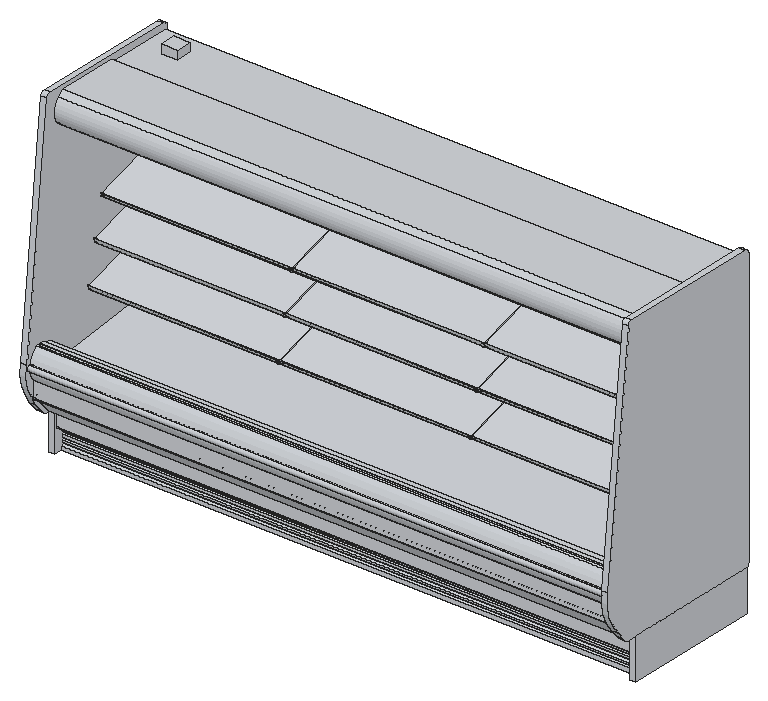
Revit family (continued)
Automatic sketch dimensions
  Sweep 24 sketch curve to Sweep 24 sketch curve = 0.46623"  (x3)
  level to Sweep 24 sketch curve = 32.4852"
  Sweep 24 sketch curve to Sweep 24 sketch curve = 0.01506"  (x3)
  Sweep 24 sketch curve to Sweep 24 sketch curve = 0.14734"  (x3)
  Sweep 24 sketch curve to Sweep 24 sketch curve = 0.60023"  (x3)
  Sweep 24 sketch curve to Sweep 24 sketch curve = 0.12715"  (x3)
  Sweep 24 sketch curve to Sweep 24 sketch curve = 0.0098"  (x3)
  Sweep 24 sketch curve to Sweep 24 sketch curve = 0.00892"  (x3)
  Sweep 24 sketch curve to Sweep 24 sketch curve = 0.99028"
  Sweep 24 sketch curve to Sweep 24 sketch curve = 0.92278"
  Sweep 24 sketch curve to Sweep 24 sketch curve = 1.57561"  (x2)
  Sweep 24 sketch curve to Sweep 24 sketch curve = 0.02387"  (x3)
  Sweep 24 sketch curve to Sweep 24 sketch curve = 0.15126"  (x3)
  Sweep 24 sketch curve to Sweep 24 sketch curve = 0.71883"  (x2)
  Sweep 24 sketch curve to Sweep 24 sketch curve = 7.95501"
  Sweep 24 sketch curve to Sweep 24 sketch curve = 3.62335"
  Sweep 24 sketch curve to Sweep 24 sketch curve = 0.33804"
  Sweep 24 sketch curve to Sweep 24 sketch curve = 8.02584"
  Sweep 24 sketch curve to Sweep 24 sketch curve = 3.68515"
  Sweep 24 sketch curve to Sweep 24 sketch curve = 0.82343"
  Sweep 24 sketch curve to Sweep 24 sketch curve = 1.95607"
  Sweep 24 sketch curve to Sweep 24 sketch curve = 0.33837"
  Sweep 25 sketch curve to plane 3 "CASE RIGHT" = 0"
  Sweep 25 sketch curve to plane 4 "CASE BACK" = 5"
  profile plane to Sweep 25 sketch curve = 29.42537"
  Sweep 25 sketch curve to Sweep 25 sketch curve = 0.02917"  (x3)
  Sweep 25 sketch curve to Sweep 25 sketch curve = 0.02391"
  Sweep 25 sketch curve to Sweep 25 sketch curve = 0.0137"
  Sweep 25 sketch curve to Sweep 25 sketch curve = 0.18275"  (x3)
  Sweep 25 sketch curve to Sweep 25 sketch curve = 0.21016"  (x3)
  Sweep 25 sketch curve to Sweep 25 sketch curve = 0.05498"  (x3)
  Sweep 25 sketch curve to Sweep 25 sketch curve = 0.04925"  (x3)
  Sweep 25 sketch curve to Sweep 25 sketch curve = 0.03302"  (x3)
  Sweep 25 sketch curve to Sweep 25 sketch curve = 0.05112"  (x3)
  Sweep 25 sketch curve to Sweep 25 sketch curve = 1.66307"
  Sweep 25 sketch curve to Sweep 25 sketch curve = 0.02531"  (x2)
  Sweep 25 sketch curve to Sweep 25 sketch curve = 0.01231"  (x2)
  Sweep 25 sketch curve to Sweep 25 sketch curve = 1.9554"
  Sweep 25 sketch curve to Sweep 25 sketch curve = 3.42681"
  Sweep 25 sketch curve to Sweep 25 sketch curve = 5.33942"
  Sweep 25 sketch curve to Sweep 25 sketch curve = 0.02834"  (x2)
  Sweep 25 sketch curve to Sweep 25 sketch curve = 5.12426"
  Sweep 25 sketch curve to Sweep 25 sketch curve = 0.0386"
  Sweep 25 sketch curve to Sweep 25 sketch curve = 10.30675"
  Sweep 25 sketch curve to Sweep 25 sketch curve = 0"
  Sweep 25 sketch curve to Sweep 25 sketch curve = 0.50871"  (x2)
  Sweep 25 sketch curve to Sweep 25 sketch curve = 7.41758"
  Sweep 25 sketch curve to Sweep 25 sketch curve = 1.44436"  (x2)
  Sweep 25 sketch curve to Sweep 25 sketch curve = 0.4279"
  Sweep 25 sketch curve to Sweep 25 sketch curve = 1.36355"
  Sweep 25 sketch curve to Sweep 25 sketch curve = 1.76703"  (x2)
  Sweep 25 sketch curve to Sweep 25 sketch curve = 0.8384"
  Sweep 25 sketch curve to Sweep 25 sketch curve = 1.78108"  (x2)
  Sweep 25 sketch curve to Sweep 25 sketch curve = 1.11668"
  Sweep 25 sketch curve to Sweep 25 sketch curve = 0.37426"  (x3)
  Sweep 25 sketch curve to Sweep 25 sketch curve = 0.68285"  (x3)
  Sweep 25 sketch curve to Sweep 25 sketch curve = 0.46623"  (x3)
  level to Sweep 25 sketch curve = 32.4852"
  Sweep 25 sketch curve to Sweep 25 sketch curve = 0.01506"  (x3)
  Sweep 25 sketch curve to Sweep 25 sketch curve = 0.14734"  (x3)
  Sweep 25 sketch curve to Sweep 25 sketch curve = 0.60023"  (x3)
  Sweep 25 sketch curve to Sweep 25 sketch curve = 0.12715"  (x3)
  Sweep 25 sketch curve to Sweep 25 sketch curve = 0.0098"  (x3)
  Sweep 25 sketch curve to Sweep 25 sketch curve = 0.00892"  (x3)
  Sweep 25 sketch curve to Sweep 25 sketch curve = 0.99028"
  Sweep 25 sketch curve to Sweep 25 sketch curve = 0.92278"
  Sweep 25 sketch curve to Sweep 25 sketch curve = 1.57561"  (x2)
  Sweep 25 sketch curve to Sweep 25 sketch curve = 0.02387"  (x3)
  Sweep 25 sketch curve to Sweep 25 sketch curve = 0.15126"  (x3)
  Sweep 25 sketch curve to Sweep 25 sketch curve = 0.71883"  (x2)
  Sweep 25 sketch curve to Sweep 25 sketch curve = 7.95501"
  Sweep 25 sketch curve to Sweep 25 sketch curve = 3.62335"
  Sweep 25 sketch curve to Sweep 25 sketch curve = 0.33804"
  Sweep 25 sketch curve to Sweep 25 sketch curve = 8.02584"
  Sweep 25 sketch curve to Sweep 25 sketch curve = 3.68515"
  Sweep 25 sketch curve to Sweep 25 sketch curve = 0.82343"
  Sweep 25 sketch curve to Sweep 25 sketch curve = 1.95607"
  Sweep 25 sketch curve to Sweep 25 sketch curve = 0.33837"
  Sweep 21 sketch curve to profile plane = 6"
  level to Sweep 21 sketch curve = 10.31915"
  Sweep 21 sketch curve to Sweep 21 sketch curve = 34 1/2"
  level to Sweep 21 sketch curve = 0.02502"
  level to Sweep 22 sketch curve = 0.02502"
  profile plane to Sweep 22 sketch curve = 40 1/2"
  profile plane to Sweep 22 sketch curve = 6"
  Sweep 22 sketch curve to Sweep 22 sketch curve = 10.29413"
  radius of Extrusion 19 sketch curve = 3/8"  (x2)
Nested families (in)
  nested 1: "Junction Boxes - Load" at (7.65326, -19.99044, 80.21499), visible <- "TOP ELECTRICAL", type "4" Square 208 - 2"
    with Power Factor 1, Load 500 VA
Connectors (in)
  piping at (139.5, -13.74044, 19.75), driven by "SUCTION LINE RADIUS"
    settings: on Extrusion 17, index 1, connector radius 7/16", flow factor 0, pipe flow 0 GPM, pressure drop 0.00 psi, fitting loss kfactor 0, connector angle 0.000°, fixture units 0, flow configuration 0, flow direction 2, fitting loss method 0, system type 22, connector reference index -1, connector utility 0, adjustable connector no, is connector primary yes, fitting loss table "", connector description "REAR SUCTION LINE CONNECTION"
  piping at (140.5, -13.74044, 19.75), driven by "LIQUID LINE RADIUS"
    settings: on Extrusion 17, index 2, connector radius 3/16", flow factor 0, pipe flow 0 GPM, pressure drop 0.00 psi, fitting loss kfactor 0, connector angle 0.000°, fixture units 0, flow configuration 0, flow direction 1, fitting loss method 0, system type 22, connector reference index -1, connector utility 0, adjustable connector no, is connector primary no, fitting loss table "", connector description "REAR LIQUID LINE CONNECTION"
  piping at (72, -42.36544, 0), driven by "DRAIN LINE CONNECTION", driven by "DRAIN LINE RADIUS"
    settings: on Extrusion 13, index 3, connector radius 3/4", flow factor 0, pipe flow 0 GPM, pressure drop 0.00 psi, fitting loss kfactor 0, connector angle 0.000°, fixture units 0, flow configuration 0, flow direction 2, fitting loss method 0, system type 22, connector reference index -1, connector utility 0, adjustable connector no, is connector primary no, fitting loss table "", connector description "Drain Connection"
  piping at (135.8125, -42.36544, 0), driven by "SUCTION LINE RADIUS", driven by "SUCTION LINE CONNECTION"
    settings: on Extrusion 15, index 4, connector radius 7/16", flow factor 0, pipe flow 0 GPM, pressure drop 0.00 psi, fitting loss kfactor 0, connector angle 0.000°, fixture units 0, flow configuration 0, flow direction 2, fitting loss method 0, system type 22, connector reference index -1, connector utility 0, adjustable connector no, is connector primary no, fitting loss table "", connector description "SUCTION LINE CONNECTION"
  piping at (134.8125, -42.36544, 0), driven by "LIQUID LINE RADIUS", driven by "LIQUID LINE CONNECTION"
    settings: on Extrusion 15, index 5, connector radius 3/16", flow factor 0, pipe flow 0 GPM, pressure drop 0.00 psi, fitting loss kfactor 0, connector angle 0.000°, fixture units 0, flow configuration 0, flow direction 1, fitting loss method 0, system type 22, connector reference index -1, connector utility 0, adjustable connector no, is connector primary no, fitting loss table "", connector description "LIQUID LINE CONNECTION"
  cabletrayconduit at (17.48385, -42.4305, 0), driven by "FAN CONNECTOR DESCRIPTION"
    settings: on Extrusion 19, index 6, connector width 12", connector height 12", connector radius 3/8", connector angle 0.000°, system type 32, placement type 0, profile type 0, connector reference index -1, is primary connector yes, connector utility param no, connector description "FAN AND ANTI SWEAT CONNECTOR"
  cabletrayconduit at (19.48385, -42.4305, 0), driven by "LIGHTING CONNECTION DESCRIPTION"
    settings: on Extrusion 19, index 7, connector width 12", connector height 12", connector radius 3/8", connector angle 0.000°, system type 32, placement type 0, profile type 0, connector reference index -1, is primary connector no, connector utility param no, connector description "LIGHTING CONNECTOR"
  electrical at (6.70981, -20.25621, 82.33999), driven by "VOLTAGE", driven by "LIGHTING APPARENT LOAD", driven by "POWER FACTOR"
    settings: on nested 1, index 8, voltage 120 V, apparent load 0 VA, apparent load phase1 0 VA, apparent load phase2 0 VA, apparent load phase3 0 VA, power factor 1, load classification "Other", number of poles 1, system type 31, power factor state 1, is connector primary yes, connector utility no, sub classification motor no, connector description "TOP LIGHTING CONNECTOR"
  electrical at (8.88314, -19.67386, 82.33999), driven by "VOLTAGE", driven by "FAN AND ANTI SWEAT HEATER APPARENT LOAD", driven by "POWER FACTOR"
    settings: on nested 1, index 9, voltage 120 V, apparent load 0 VA, apparent load phase1 0 VA, apparent load phase2 0 VA, apparent load phase3 0 VA, power factor 1, load classification "Other", number of poles 1, system type 31, power factor state 1, is connector primary no, connector utility no, sub classification motor no, connector description "TOP FAN AND ANTI SWEAT CONNECTOR"
Definition of nested family "Junction Boxes - Load"
  Parameters (values of type "4" Square 120 - 1")
    Width = 4"
    Voltage = 120 V
    Power Factor [instance] = 1
    Number of Poles = 1
    Load Classification = Power
    Load [instance] = 500 VA
    Height = 4"
    Depth = 2 1/8"
  Types (7): name | Voltage | Number of Poles
    (no name) | 120 V | 1
    4" Square 120 - 1 | 120 V | 1
    4" Square 208 - 2 | 208 V | 2
    4" Square 208- 3 | 208 V | 3
    4" Square 277- 1 | 277 V | 1
    4" Square 480- 2 | 480 V | 2
    4" Square 480- 3 | 480 V | 3
  Reference planes (in)
    plane 1 "Center (Front/Back)": y = 0
    plane 2: z = 0
    plane 3 "Center (Left/Right)": x = 0
    plane 4: y = 2
    plane 5: y = -2
    plane 6: x = -2
    plane 7: x = 2
    plane 8: z = 2.125
  Forms (in)
    Extrusion 1, solid
      sketch origin (0, 0, 0) x (1, 0, 0) y (0, 1, 0)
        loop
          line (-2, 2) -> (-2, -2) -> (2, -2) -> (2, 2) -> (-2, 2)
      from 0 to 2.125
  Lines and regions (in)
    symbolic lines, detail levels fine
      curve 1: line (-2, 2, 0) -> (2, 2, 0)
      curve 2: line (-2, -2, 0) -> (-2, 2, 0)
      curve 3: line (2, -2, 0) -> (-2, -2, 0)
      curve 4: line (2, 2, 0) -> (2, -2, 0)
  Dimensions and locks (in)
    equal spacing: plane 6, plane 3 "Center (Left/Right)", plane 7
    equal spacing: plane 4, plane 1 "Center (Front/Back)", plane 5
    "Height": plane 6 to plane 7
    "Width": plane 4 to plane 5
    "Depth": level to plane 8
    aligned and locked: plane 6 to Extrusion 1 sketch curve
    aligned and locked: Extrusion 1 sketch curve to plane 4
    aligned and locked: plane 5 to Extrusion 1 sketch curve
    aligned and locked: plane 7 to Extrusion 1 sketch curve
    aligned and locked: plane 8 to Extrusion 1
    aligned and locked: plane 1 "Center (Front/Back)" to nested 1
    aligned and locked: plane 3 "Center (Left/Right)" to nested 1
  Automatic sketch dimensions
    curve 3 to plane 5 = 0"
    curve 3 to plane 6 = 0"
    curve 3 to plane 7 = 0"
    curve 2 to plane 4 = 0"
  Nested families (in)
    nested 1: "Junction Boxes Annotation" at (0, 0, 0), type "Junction Boxes Annotation", detail levels coarse+medium
  Connectors (in)
    electrical at (0, 0, 2.125), driven by "Power Factor", driven by "Load", driven by "Voltage", driven by "Load", driven by "Number of Poles", driven by "Load Classification"
      settings: on Extrusion 1, index 1, voltage 120 V, apparent load 500 VA, apparent load phase1 500 VA, apparent load phase2 0 VA, apparent load phase3 0 VA, power factor 1, load classification "Power", number of poles 1, system type 30, power factor state 1, is connector primary yes, connector utility no, sub classification motor no, connector description ""
  Definition of nested family "Junction Boxes Annotation"
    Parameters
      Label = "J"
    Reference planes (in)
      plane 1: y = 0
      plane 2: x = 0
    Lines and regions (in)
      detail lines
        curve 1: circle (0, 0, 0) r 0.09375 normal (0, 0, 1)
    Text (in)
      label "J" at (-0.02653, -0.0091, 0), shows "Label"
    Dimensions and locks (in)
      aligned and locked: plane 1 to curve 1
      aligned and locked: plane 2 to curve 1
Types (3): name | SHELVE LENGTH | REF PLANE LEFT RIGHT | Model | LENGTH FOR BTU | LENGTH | LEGEND NUMBER | SHELVE 2
  OHPH-12'-11"BF | 48" | 72" | "OHPH-12'" | 12 | 144" | "OHPH-12'" | yes
  OHPH-8'-11"BF | 48" | 48" | "OHPH-8'" | 8 | 96" | "OHPH-8'" | no
  OHPH-6'-11"BF | 36" | 36" | "OHPH-6'" | 6 | 72" | "OHPH-6'" | no
